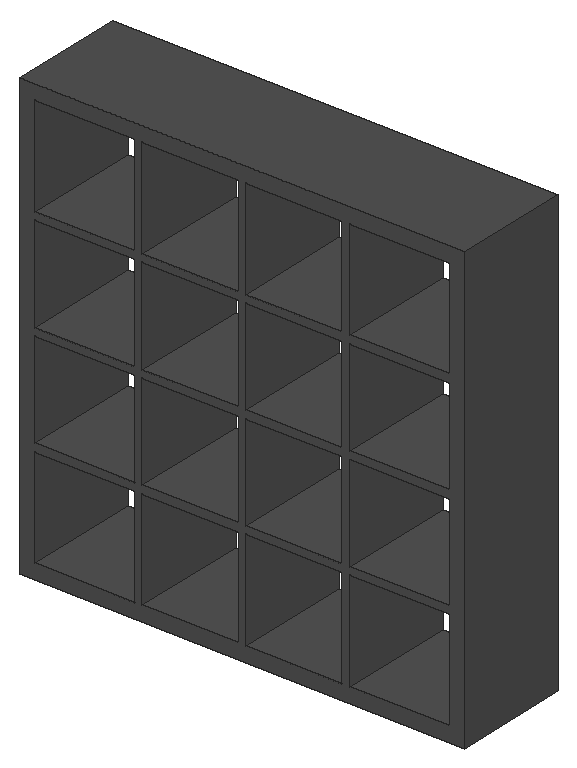
Revit family
Parameters
  Width = 1490 mm
  Thicknes = 50 mm
  Shelve Thicknes = 25 mm
  Material = Paint - Black
  Height = 1490 mm
  Depth = 390 mm
Reference planes
  plane 1 "Centre (Front/Back)": y = 0
  plane 2: z = 0
  plane 3 "Centre (Left/Right)": x = 0
  plane 4 "Left": x = -745
  plane 5 "Right": x = 745
  plane 6 "Back": y = 195
  plane 7 "Front": y = -195
  plane 8 "Top": z = 1490
  plane 9: z = 1440
  plane 10: z = 50
  plane 11: z = 1092.5
  plane 12: z = 745
  plane 13: z = 397.5
  plane 14: x = -695
  plane 15: x = 695
  plane 16: x = -347.5
  plane 17: x = 347.5
Forms (mm)
  Extrusion 1, solid, material "Paint - Black" <- "Material"
    sketch origin (0, 195, 0) x (1, 0, 0) y (0, 0, 1)
      loop
        line (-745, 1490) -> (-745, 0) -> (745, 0) -> (745, 1490) -> (-745, 1490)
      loop
        line (-695, 50) -> (-360, 50) -> (-360, 385) -> (-695, 385) -> (-695, 50)
      loop
        line (-695, 1440) -> (-695, 1105) -> (-360, 1105) -> (-360, 1440) -> (-695, 1440)
      loop
        line (695, 1440) -> (360, 1440) -> (360, 1105) -> (695, 1105) -> (695, 1440)
      loop
        line (-335, 1440) -> (-335, 1105) -> (-12.5, 1105) -> (-12.5, 1440) -> (-335, 1440)
      loop
        line (-12.5, 50) -> (-12.5, 385) -> (-335, 385) -> (-335, 50) -> (-12.5, 50)
      loop
        line (12.5, 1440) -> (12.5, 1105) -> (335, 1105) -> (335, 1440) -> (12.5, 1440)
      loop
        line (335, 50) -> (335, 385) -> (12.5, 385) -> (12.5, 50) -> (335, 50)
      loop
        line (695, 1080) -> (360, 1080) -> (360, 757.5) -> (695, 757.5) -> (695, 1080)
      loop
        line (-695, 757.5) -> (-360, 757.5) -> (-360, 1080) -> (-695, 1080) -> (-695, 757.5)
      loop
        line (695, 732.5) -> (360, 732.5) -> (360, 410) -> (695, 410) -> (695, 732.5)
      loop
        line (-695, 410) -> (-360, 410) -> (-360, 732.5) -> (-695, 732.5) -> (-695, 410)
      loop
        line (695, 385) -> (360, 385) -> (360, 50) -> (695, 50) -> (695, 385)
      loop
        line (-335, 410) -> (-12.5, 410) -> (-12.5, 732.5) -> (-335, 732.5) -> (-335, 410)
      loop
        line (12.5, 410) -> (335, 410) -> (335, 732.5) -> (12.5, 732.5) -> (12.5, 410)
      loop
        line (335, 757.5) -> (335, 1080) -> (12.5, 1080) -> (12.5, 757.5) -> (335, 757.5)
      loop
        line (-12.5, 1080) -> (-335, 1080) -> (-335, 757.5) -> (-12.5, 757.5) -> (-12.5, 1080)
    from 0 to 390
Dimensions and locks
  "Width": plane 4 "Left" to plane 5 "Right"
  "Depth": plane 7 "Front" to plane 6 "Back"
  equal spacing: plane 4 "Left", plane 3 "Centre (Left/Right)", plane 5 "Right"
  equal spacing: plane 7 "Front", plane 1 "Centre (Front/Back)", plane 6 "Back"
  "Height": plane 8 "Top" to plane 2
  "Thicknes": plane 8 "Top" to plane 9
  "Thicknes": plane 10 to plane 2
  equal spacing: plane 9, plane 11, plane 12, plane 13, plane 10
  "Thicknes": plane 14 to plane 4 "Left"
  "Thicknes": plane 5 "Right" to plane 15
  equal spacing: plane 15, plane 17, plane 3 "Centre (Left/Right)", plane 16, plane 14
  aligned and locked: Extrusion 1 sketch curve to plane 4 "Left"
  aligned and locked: Extrusion 1 sketch curve to plane 8 "Top"
  aligned and locked: Extrusion 1 sketch curve to plane 5 "Right"
  aligned and locked: Extrusion 1 sketch curve to plane 2
  aligned and locked: Extrusion 1 sketch curve to plane 10
  aligned and locked: Extrusion 1 sketch curve to plane 9
  aligned and locked: Extrusion 1 sketch curve to plane 15
  aligned and locked: Extrusion 1 sketch curve to plane 14
  aligned and locked: Extrusion 1 to plane 6 "Back"
  aligned and locked: plane 7 "Front" to Extrusion 1
Automatic sketch dimensions
  Extrusion 1 sketch curve to plane 11 = 12.5 mm  (x3)
  plane 12 to Extrusion 1 sketch curve = 12.5 mm  (x4)
  Extrusion 1 sketch curve to Extrusion 1 sketch curve = 0 mm  (x10)
  Extrusion 1 sketch curve to plane 13 = 12.5 mm  (x4)
  plane 13 to Extrusion 1 sketch curve = 12.5 mm  (x4)
  plane 11 to Extrusion 1 sketch curve = 12.5 mm  (x3)
  Extrusion 1 sketch curve to plane 17 = 12.5 mm  (x4)
  Extrusion 1 sketch curve to plane 3 "Centre (Left/Right)" = 12.5 mm  (x4)
  plane 16 to Extrusion 1 sketch curve = 12.5 mm  (x4)
  Extrusion 1 sketch curve to plane 12 = 12.5 mm  (x3)
  plane 17 to Extrusion 1 sketch curve = 12.5 mm  (x3)
  Extrusion 1 sketch curve to plane 16 = 12.5 mm  (x2)
  Extrusion 1 sketch curve to Extrusion 1 sketch curve = 25 mm
  Extrusion 1 sketch curve to plane 14 = 0 mm  (x2)
  Extrusion 1 sketch curve to plane 9 = 0 mm  (x2)
  Extrusion 1 sketch curve to plane 15 = 0 mm  (x3)
  plane 3 "Centre (Left/Right)" to Extrusion 1 sketch curve = 12.5 mm  (x4)
